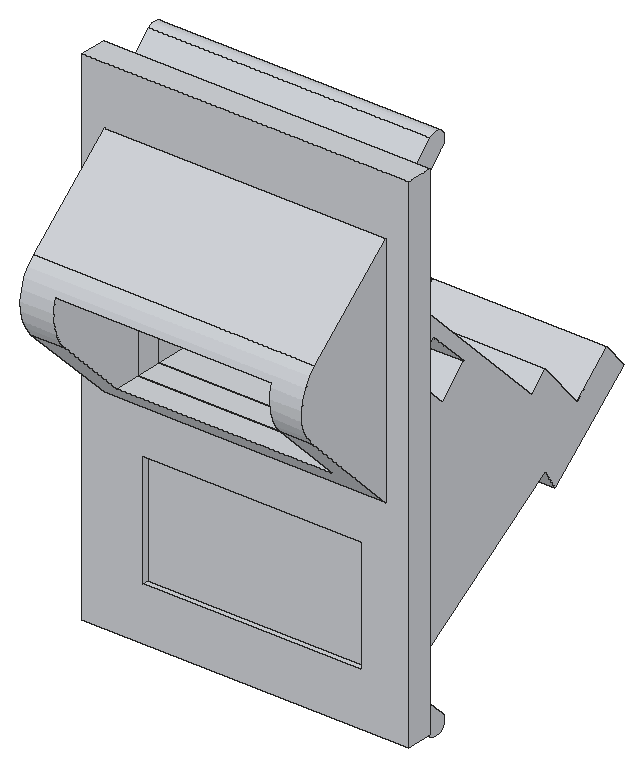
Revit family
Parameters
  Material ID = "760161075"
  Description = "LF80 ANGLED CLIPS ASSEMBLY"
Reference planes (in)
  plane 1 "Center (Front/Back)": y = 0
  plane 2: z = 0
  plane 3 "Center (Left/Right)": x = 0
Forms (in)
  Extrusion 1, void, not visible
    sketch origin (0, 0, 0) x (1, 0, 0) y (0, 0, 1)
      loop
        line (-7.85662, 0.48089) -> (-7.85662, -0.39002) -> (-7.67285, -0.39002) -> (-7.67285, -0.64002) -> (-7.0736, -0.64002) -> (-7.0736, -0.39002) -> (-6.92978, -0.39002) -> (-6.92978, 0.48089) -> (-7.85662, 0.48089)
    from -3.79215 to 12
  Extrusion 2, void, not visible
    sketch origin (0, 0, 0) x (1, 0, 0) y (0, 0, 1)
      loop
        line (-8.21397, 0.42583) -> (-8.21397, -0.07417) -> (-8.08657, -0.07417) -> (-8.08657, -0.27417) -> (-7.83657, -0.27417) -> (-7.83657, -0.07417) -> (-7.72497, -0.07417) -> (-7.72497, 0.42583) -> (-8.21397, 0.42583)
    from 0.74059 to 3.34334
  Extrusion 3, solid
    sketch origin (0, 0, 0) x (1, 0, 0) y (0, 0, 1)
      loop
        line (-0.486, 0) -> (-0.486, -0.756) -> (0.486, -0.756) -> (0.486, 0.756) -> (-0.486, 0.756) -> (-0.486, 0)
    from 0 to 0.079
  Extrusion 4, solid
    sketch origin (0, 0, 0) x (0, 1, 0) y (0, 0, 1)
      loop
        line (0, -0.63374) -> (0.51054, -0.3022) -> (0.54735, -0.35888) -> (0.80417, -0.14339) -> (0.74266, -0.07008) -> (0.62927, -0.16522) -> (0.51236, -0.02588) -> (0.46406, -0.07418) -> (0.04062, 0.34926) -> (0.08892, 0.39756) -> (0, 0.48648) -> (0, -0.63374)
      loop
        line (-0.079, 0.58062) -> (-0.3442, 0.3581)
        arc (-0.3442, 0.3581) -> (-0.39441, 0.25628) -> (-0.35326, 0.15047) r 0.14094
        line (-0.35326, 0.15047) -> (-0.079, -0.12379) -> (-0.079, 0.58062)
      loop
        line (0, 0.69403) -> (0, 0.60674) -> (0.11997, 0.72671)
        spline (0.11997, 0.72671) -> (0.12706, 0.73298) -> (0.13244, 0.74057) -> (0.13575, 0.74897) -> (0.13676, 0.7576) -> (0.1354, 0.76587) -> (0.13176, 0.77322) -> (0.12609, 0.77916) -> (0.11878, 0.78327) -> (0.11033, 0.78527) -> (0.10131, 0.78503) -> (0.09234, 0.78257) -> (0.08402, 0.77805)
        line (0.08402, 0.77805) -> (0, 0.69403)
      loop
        line (0, -0.73674) -> (0.08402, -0.82076)
        spline (0.08402, -0.82076) -> (0.09234, -0.82528) -> (0.10131, -0.82774) -> (0.11033, -0.82798) -> (0.11878, -0.82597) -> (0.12609, -0.82186) -> (0.13176, -0.81593) -> (0.1354, -0.80858) -> (0.13676, -0.8003) -> (0.13575, -0.79167) -> (0.13244, -0.78328) -> (0.12706, -0.77569) -> (0.11997, -0.76942)
        line (0.11997, -0.76942) -> (0, -0.64945) -> (0, -0.73674)
    from 0.42036 to -0.4183
  Extrusion 5, void
    sketch origin (0, 0, 0) x (1, 0, 0) y (0, 0, 1)
      loop
        line (0.32567, 0.2968) -> (-0.31944, 0.2968) -> (-0.31944, -0.04556) -> (0.32567, -0.04556) -> (0.32567, 0.2968)
    from -0.49267 to 12
  Extrusion 6, void
    sketch origin (0, 0, 0) x (0, 1, 0) y (0, 0, 1)
      loop
        line (0.0955, 0.24042) -> (0.01788, 0.16279) -> (0.13127, 0.04941) -> (0.20889, 0.12703) -> (0.0955, 0.24042)
    from -1.48233 to 12
  Extrusion 7, void
    sketch origin (0, 0, 0) x (1, 0, 0) y (0, 0, 1)
      loop
        line (-0.30533, -0.25525) -> (-0.30533, -0.597) -> (0.34735, -0.597) -> (0.34735, -0.25525) -> (-0.30533, -0.25525)
    from 0.05881 to 12
Cuts and joins
  Extrusion 5, Extrusion 7 cuts Extrusion 3
  Extrusion 5, Extrusion 6, Extrusion 7 cuts Extrusion 4
